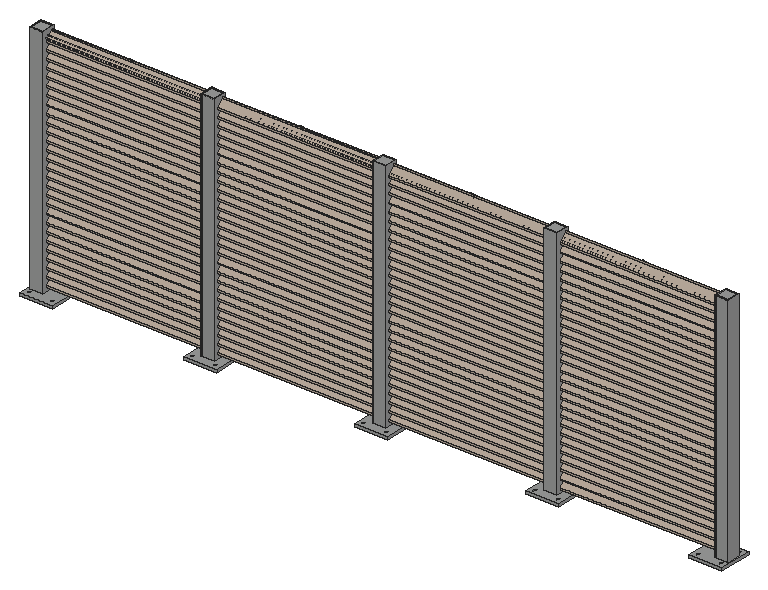
Revit family "Palmshield-Aria-Louver-Array", category Specialty Equipment, Revit 2025 (continued)
Definition of nested family "Nested-Square_Post-Aluminum-Palmshield-Aria"
  Parameters (values of type "4" X 4" X 1/8" SQ. TUBE")
    Width = 0' - 4"  # constant formula
    Warranty URL = "https://palmshieldlouvers.com/wp-content/uploads/2020/01/PalmSHIELD-Warranty-NO-SIGN-LINE.pdf"
    Version = "2021 - v1.0a"  # constant formula
    URL = "https://palmshieldlouvers.com/"
    Thickness = 0' - 0 1/8"  # constant formula
    Product Page URL = "https://palmshieldlouvers.com/products/aria-louver/"
    Product Documentation Link = "https://palmshieldlouvers.com/wp-content/uploads/2022/05/PalmSHIELD-Aria-Series-Post-Panel-Gate-Installation-Instructions.pdf"
    Model = "Aria Economy"  # constant formula
    Material [instance] = none
    Manufacturer Phone Number = "531-329-4406 "  # constant formula
    Manufacturer Fax Number = "Consult Manufacturer Website for More Information"  # constant formula
    Manufacturer Email = "mailto: info@palmshieldlouvers.com"
    Manufacturer Address = "12330 Cary Circle, La Vista, NE 68128"  # constant formula
    Manufacturer = "PalmSHIELD"  # constant formula
    Length [instance] = 4' - 4.86713"
    Keynote = "05 10 00"
    Instruction Sheet Link = "https://palmshieldlouvers.com/wp-content/uploads/2022/05/PalmSHIELD-Aria-Series-Post-Panel-Gate-Installation-Instructions.pdf"
    ID [instance] = ""
    Description = "Aria Economy - Post"  # constant formula
    Default Elevation = 4' - 0"
    Copyright = "Copyright ©2024 The American Fence Company and PalmSHIELD. All Rights Reserved."  # constant formula
    Component Vis [instance] = yes
    Component Name [instance] = "Aria Economy - Square Post"  # constant formula
    Assembly Code = "F1020100"
  Reference planes (in)
    plane 1 "Center (Front/Back)": y = 0
    plane 2: z = 0
    plane 3 "Center (Left/Right)": x = 0
    plane 4: z = 52.86713
    plane 5: x = 2
    plane 6: x = -2
  Forms (in)
    Extrusion 1, solid
      sketch origin (0, 0, 0) x (1, 0, 0) y (0, 1, 0)
        loop
          line (-48, 48) -> (-48, -48) -> (48, -48) -> (48, 48) -> (-48, 48)
      from 0 to -12
    Sweep 2, solid, material <- "Material", visible <- "Component Vis"
      path origin (0, 0, 0) x (0, 1, 0) y (0, 0, 1)
        loop
          line (0, 0) -> (0, 52.86713)
      profile "Profile-Palmshield-Square : 4" X 4" X 1/8" SQ. TUBE" origin (0, 0, 26.43357) x (0, -1, 0) y (1, 0, 0)
        loop
          line (1.875, 1.875) -> (-1.875, 1.875) -> (-1.875, -1.875) -> (1.875, -1.875) -> (1.875, 1.875)
        loop
          line (-2, -2) -> (2, -2) -> (2, 2) -> (-2, 2) -> (-2, -2)
  Dimensions and locks (in)
    "Length": plane 4 to plane 2
    equal spacing: plane 5, plane 3 "Center (Left/Right)", plane 6
    "Width": plane 5 to plane 6
    aligned and locked: plane 2 to Extrusion 1
    aligned and locked: level to Extrusion 1
    aligned and locked: plane 1 "Center (Front/Back)" to Sweep 2 sketch curve
    aligned and locked: plane 4 to Sweep 2 sketch curve
  Automatic sketch dimensions
    Extrusion 1 sketch curve to Extrusion 1 sketch curve = 8' - 0"  (x2)
    Sweep 2 sketch curve to level = 0' - 0"
Definition of nested family "Nested-Top_Cap-Palmshield-Aria"
  Parameters (values of type "3 3/4" x 3 3/4" x 1/8"")
    Width = 0' 4" - 2 * Thickness  # 0' - 3 3/4"
    Warranty URL = "https://palmshieldlouvers.com/wp-content/uploads/2020/01/PalmSHIELD-Warranty-NO-SIGN-LINE.pdf"
    Version = "2020 - v1.0a"  # constant formula
    URL = "https://palmshieldlouvers.com/"
    Thickness = 0' - 0 1/8"  # constant formula
    Product Page URL = "https://palmshieldlouvers.com/products/aria-louver/"
    Product Documentation Link = "https://palmshieldlouvers.com/wp-content/uploads/2022/05/PalmSHIELD-Aria-Series-Post-Panel-Gate-Installation-Instructions.pdf"
    Model = "Aria Economy"  # constant formula
    Material [instance] = none
    Manufacturer Phone Number = "531-329-4406 "  # constant formula
    Manufacturer Fax Number = "Consult Manufacturer Website for More Information"  # constant formula
    Manufacturer Email = "mailto: info@palmshieldlouvers.com"
    Manufacturer Address = "12330 Cary Circle, La Vista, NE 68128"  # constant formula
    Manufacturer = "PalmSHIELD"  # constant formula
    Keynote = "05 10 00"
    Instruction Sheet Link = "https://palmshieldlouvers.com/wp-content/uploads/2022/05/PalmSHIELD-Aria-Series-Post-Panel-Gate-Installation-Instructions.pdf"
    ID [instance] = ""
    Description = "Aria Economy - Top Cap"  # constant formula
    Default Elevation = 4' - 0"
    Copyright = "Copyright ©2024 The American Fence Company and PalmSHIELD. All Rights Reserved."  # constant formula
    Component Vis [instance] = yes
    Component Name [instance] = "Aria Economy - Square Top Cap"  # constant formula
    Assembly Code = "F1020100"
  Reference planes (in)
    plane 1 "Center (Front/Back)": y = 0
    plane 2: z = 0
    plane 3 "Center (Left/Right)": x = 0
    plane 4: y = 1.875
    plane 5: x = 1.875
    plane 6: y = -1.875
    plane 7: x = -1.875
    plane 8: z = 0.125
  Forms (in)
    Extrusion 1, solid
      sketch origin (0, 0, 0) x (1, 0, 0) y (0, 1, 0)
        loop
          line (-48, 48) -> (-48, -48) -> (48, -48) -> (48, 48) -> (-48, 48)
      from 0 to -12
    Extrusion 2, solid, material <- "Material", visible <- "Component Vis"
      sketch origin (0, 0, 0) x (1, 0, 0) y (0, 1, 0)
        loop
          line (-1.875, 1.875) -> (-1.875, -1.875) -> (1.875, -1.875) -> (1.875, 1.875) -> (-1.875, 1.875)
      from 0 to 0.125
  Dimensions and locks (in)
    equal spacing: plane 7, plane 3 "Center (Left/Right)", plane 5
    equal spacing: plane 4, plane 1 "Center (Front/Back)", plane 6
    "Width": plane 7 to plane 5
    "Width": plane 4 to plane 6
    "Thickness": plane 8 to plane 2
    aligned and locked: plane 2 to Extrusion 1
    aligned and locked: level to Extrusion 1
    aligned and locked: Extrusion 2 sketch curve to plane 4
    aligned and locked: plane 7 to Extrusion 2 sketch curve
    aligned and locked: Extrusion 2 sketch curve to plane 6
    aligned and locked: Extrusion 2 sketch curve to plane 5
    aligned and locked: plane 8 to Extrusion 2
  Automatic sketch dimensions
    Extrusion 1 sketch curve to Extrusion 1 sketch curve = 8' - 0"  (x2)
Definition of nested family "Nested-Rib-Palmshield-Aria"
  Parameters (values of type "1/8"X1" AL FB RIBS")
    Width = 0' - 1"  # constant formula
    Warranty URL = "https://palmshieldlouvers.com/wp-content/uploads/2020/01/PalmSHIELD-Warranty-NO-SIGN-LINE.pdf"
    Version = "2021 - v1.0a"  # constant formula
    URL = "https://palmshieldlouvers.com/"
    Thickness = 0' - 0 1/8"  # constant formula
    Product Page URL = "https://palmshieldlouvers.com/products/aria-louver/"
    Product Documentation Link = "https://palmshieldlouvers.com/wp-content/uploads/2022/05/PalmSHIELD-Aria-Series-Post-Panel-Gate-Installation-Instructions.pdf"
    Model = "Aria"  # constant formula
    Material [instance] = none
    Manufacturer Phone Number = "531-329-4406 "  # constant formula
    Manufacturer Fax Number = "Consult Manufacturer Website for More Information"  # constant formula
    Manufacturer Email = "mailto: info@palmshieldlouvers.com"
    Manufacturer Address = "12330 Cary Circle, La Vista, NE 68128"  # constant formula
    Manufacturer = "PalmSHIELD"  # constant formula
    Length [instance] = 4' - 4.86713"
    Keynote = "05 10 00"
    Instruction Sheet Link = "https://palmshieldlouvers.com/wp-content/uploads/2022/05/PalmSHIELD-Aria-Series-Post-Panel-Gate-Installation-Instructions.pdf"
    ID [instance] = ""
    Description = "Aria - Rib"  # constant formula
    Default Elevation = 4' - 0"
    Copyright = "Copyright ©2024 The American Fence Company and PalmSHIELD. All Rights Reserved."  # constant formula
    Component Name [instance] = "Aria - Aluminum - FB Ribs"  # constant formula
    Assembly Code = "F1020100"
  Reference planes (in)
    plane 1 "Center (Front/Back)": y = 0
    plane 2: z = 0
    plane 3 "Center (Left/Right)": x = 0
    plane 4: z = 52.86713
    plane 5: x = 0.5
    plane 6: x = -0.5
  Forms (in)
    Extrusion 1, solid
      sketch origin (0, 0, 0) x (1, 0, 0) y (0, 1, 0)
        loop
          line (-48, 48) -> (-48, -48) -> (48, -48) -> (48, 48) -> (-48, 48)
      from 0 to -12
    Sweep 2, solid, material <- "Material"
      path origin (0, 0, 0) x (0, 1, 0) y (0, 0, 1)
        loop
          line (0, 0) -> (0, 52.86713)
      profile "Profile-Palmshield-Rib : AL FB 1/8" X 1"" origin (0, 0, 26.43357) x (0, -1, 0) y (1, 0, 0)
        loop
          line (-0.125, -0.5) -> (0, -0.5) -> (0, 0.5) -> (-0.125, 0.5) -> (-0.125, -0.5)
  Dimensions and locks (in)
    "Length": plane 4 to plane 2
    equal spacing: plane 5, plane 3 "Center (Left/Right)", plane 6
    "Width": plane 5 to plane 6
    aligned and locked: plane 2 to Extrusion 1
    aligned and locked: level to Extrusion 1
    aligned and locked: plane 1 "Center (Front/Back)" to Sweep 2 sketch curve
    aligned and locked: plane 4 to Sweep 2 sketch curve
  Automatic sketch dimensions
    Extrusion 1 sketch curve to Extrusion 1 sketch curve = 8' - 0"  (x2)
    Sweep 2 sketch curve to level = 0' - 0"
Definition of nested family "Nested-Stiffener-Palmshield-Aria"
  Parameters (values of type "SQUARE STIFFENER 1" X 1/8"")
    Width = 0' - 1"  # constant formula
    Warranty URL = "https://palmshieldlouvers.com/wp-content/uploads/2020/01/PalmSHIELD-Warranty-NO-SIGN-LINE.pdf"
    Version = "2021 - v1.0a"  # constant formula
    URL = "https://palmshieldlouvers.com/"
    Thickness = 0' - 0 1/8"  # constant formula
    Product Page URL = "https://palmshieldlouvers.com/products/aria-louver/"
    Product Documentation Link = "https://palmshieldlouvers.com/wp-content/uploads/2022/05/PalmSHIELD-Aria-Series-Post-Panel-Gate-Installation-Instructions.pdf"
    Model = "Aria"  # constant formula
    Material [instance] = none
    Manufacturer Phone Number = "531-329-4406 "  # constant formula
    Manufacturer Fax Number = "Consult Manufacturer Website for More Information"  # constant formula
    Manufacturer Email = "mailto: info@palmshieldlouvers.com"
    Manufacturer Address = "12330 Cary Circle, La Vista, NE 68128"  # constant formula
    Manufacturer = "PalmSHIELD"  # constant formula
    Length [instance] = 4' - 4.86713"
    Keynote = "05 10 00"
    Instruction Sheet Link = "https://palmshieldlouvers.com/wp-content/uploads/2022/05/PalmSHIELD-Aria-Series-Post-Panel-Gate-Installation-Instructions.pdf"
    ID [instance] = ""
    Description = "Aria - Square Stiffener"  # constant formula
    Default Elevation = 4' - 0"
    Copyright = "Copyright ©2024 The American Fence Company and PalmSHIELD. All Rights Reserved."  # constant formula
    Component Name [instance] = "Aria - Aluminum - Square Stiffener"  # constant formula
    C Hole Offset = 0' - 1 1/2"  # constant formula
    Assembly Code = "F1020100"
  Reference planes (in)
    plane 1 "Center (Front/Back)": y = 0
    plane 2: z = 0
    plane 3 "Center (Left/Right)": x = 0
    plane 4: z = 52.86713
  Forms (in)
    Extrusion 1, solid
      sketch origin (0, 0, 0) x (1, 0, 0) y (0, 1, 0)
        loop
          line (-48, 48) -> (-48, -48) -> (48, -48) -> (48, 48) -> (-48, 48)
      from 0 to -12
    Sweep 2, solid, material <- "Material"
      path origin (0, 0, 0) x (0, 1, 0) y (0, 0, 1)
        loop
          line (0, 0) -> (0, 52.86713)
      profile origin (0, 0, 26.43357) x (0, -1, 0) y (1, 0, 0)
        loop
          line (-0.70711, -0.70711) -> (0, 0) -> (-0.70711, 0.70711) -> (-1.41421, 0) -> (-0.70711, -0.70711)
        loop
          line (-1.23744, 0) -> (-0.70711, -0.53033) -> (-0.17678, 0) -> (-0.70711, 0.53033) -> (-1.23744, 0)
  Dimensions and locks (in)
    "Length": plane 4 to plane 2
    aligned and locked: plane 2 to Extrusion 1
    aligned and locked: level to Extrusion 1
    aligned and locked: plane 1 "Center (Front/Back)" to Sweep 2 sketch curve
    aligned and locked: plane 4 to Sweep 2 sketch curve
  Automatic sketch dimensions
    Extrusion 1 sketch curve to Extrusion 1 sketch curve = 8' - 0"  (x2)
    Sweep 2 sketch curve to level = 0' - 0"
    profile plane to Sweep 2 sketch curve = 0' - 1.41421"
    Sweep 2 sketch curve to plane 3 "Center (Left/Right)" = 0' - 0"
    Sweep 2 sketch curve to Sweep 2 sketch curve = 0' - 0.70711"  (x2)
    Sweep 2 sketch curve to Sweep 2 sketch curve = 0' - 0"  (x2)
    Sweep 2 sketch curve to Sweep 2 sketch curve = 0' - 0.17678"  (x2)
    Sweep 2 sketch curve to Sweep 2 sketch curve = 0' - 0.53033"  (x2)
Definition of nested family "Screening-Louver-Assembly-Post-Palmshield-Aria"
  Parameters (values of type "10" x 14" x 3/4"")
    Width = if(Constraints = 1, 0' 10", 1' 2")  # 1' - 2"
    Warranty URL = "https://palmshieldlouvers.com/wp-content/uploads/2020/01/PalmSHIELD-Warranty-NO-SIGN-LINE.pdf"
    Version = "2021 - v1.0a"  # constant formula
    URL = "https://palmshieldlouvers.com/"
    Thickness = 0' - 0 3/4"  # constant formula
    Product Page URL = "https://palmshieldlouvers.com/products/aria-louver/"
    Product Documentation Link = "https://palmshieldlouvers.com/wp-content/uploads/2022/05/PalmSHIELD-Aria-Series-Post-Panel-Gate-Installation-Instructions.pdf"
    Model = "Aria Economy"  # constant formula
    Material [instance] = none
    Manufacturer Phone Number = "531-329-4406 "  # constant formula
    Manufacturer Fax Number = "Consult Manufacturer Website for More Information"  # constant formula
    Manufacturer Email = "mailto: info@palmshieldlouvers.com"
    Manufacturer Address = "12330 Cary Circle, La Vista, NE 68128"  # constant formula
    Manufacturer = "PalmSHIELD"  # constant formula
    Keynote = "05 10 00"
    Instruction Sheet Link = "https://palmshieldlouvers.com/wp-content/uploads/2022/05/PalmSHIELD-Aria-Series-Post-Panel-Gate-Installation-Instructions.pdf"
    ID [instance] = ""
    Hole Diameter = 0' - 0 3/4"  # constant formula
    Height = 0' - 10"  # constant formula
    Description = "Aria Economy- Base Plate"  # constant formula
    Default Elevation = 4' - 0"
    Copyright = "Copyright ©2024 The American Fence Company and PalmSHIELD. All Rights Reserved."  # constant formula
    Constraints = 2
    Component Vis [instance] = yes
    Component Name [instance] = "Aria Economy - Base Plate"  # constant formula
    C Hole Offset = 0' - 1 1/2"  # constant formula
    Assembly Code = "F1020100"
  Types (2): name | Width | Product Page URL | Product Documentation Link | Instruction Sheet Link | Constraints
    10" x 10" x 3/4" | 0' - 10" | "Contact Manufacturer for More Information" | "Contact Manufacturer for More Information" | "Contact Manufacturer for More Information" | 1
    10" x 14" x 3/4" | 1' - 2" | "https://palmshieldlouvers.com/products/aria-louver/" | "https://palmshieldlouvers.com/wp-content/uploads/2022/05/PalmSHIELD-Aria-Series-Post-Panel-Gate-Installation-Instructions.pdf" | "https://palmshieldlouvers.com/wp-content/uploads/2022/05/PalmSHIELD-Aria-Series-Post-Panel-Gate-Installation-Instructions.pdf" | 2
Definition of nested family "Screening-Louver-Assembly-Panel-Palmshield-Aria"
  Parameters (values of type "EXTRUDED ALUMINUM LOUVERS TYP.")
    Width = 0' - 2 7/8"  # constant formula
    Warranty URL = "https://palmshieldlouvers.com/wp-content/uploads/2020/01/PalmSHIELD-Warranty-NO-SIGN-LINE.pdf"
    Version = "2021 - v1.0a"  # constant formula
    URL = "https://palmshieldlouvers.com/"
    Thickness = 0' - 0 1/8"  # constant formula
    Product Page URL = "https://palmshieldlouvers.com/products/aria-louver/"
    Product Documentation Link = "https://palmshieldlouvers.com/wp-content/uploads/2022/05/PalmSHIELD-Aria-Series-Post-Panel-Gate-Installation-Instructions.pdf"
    Model = "Aria"  # constant formula
    Material [instance] = none
    Manufacturer Phone Number = "531-329-4406 "  # constant formula
    Manufacturer Fax Number = "Consult Manufacturer Website for More Information"  # constant formula
    Manufacturer Email = "mailto: info@palmshieldlouvers.com"
    Manufacturer Address = "12330 Cary Circle, La Vista, NE 68128"  # constant formula
    Manufacturer = "PalmSHIELD"  # constant formula
    Length [instance] = 4' - 4.86713"
    Keynote = "05 10 00"
    Instruction Sheet Link = "https://palmshieldlouvers.com/wp-content/uploads/2022/05/PalmSHIELD-Aria-Series-Post-Panel-Gate-Installation-Instructions.pdf"
    ID [instance] = ""
    Description = "Aria - Louvers"  # constant formula
    Default Elevation = 4' - 0"
    Copyright = "Copyright ©2024 The American Fence Company and PalmSHIELD. All Rights Reserved."  # constant formula
    Component Name [instance] = "Aria - Aluminum - Louvers"  # constant formula
    C Hole Offset = 0' - 1 1/2"  # constant formula
    Assembly Code = "F1020100"
